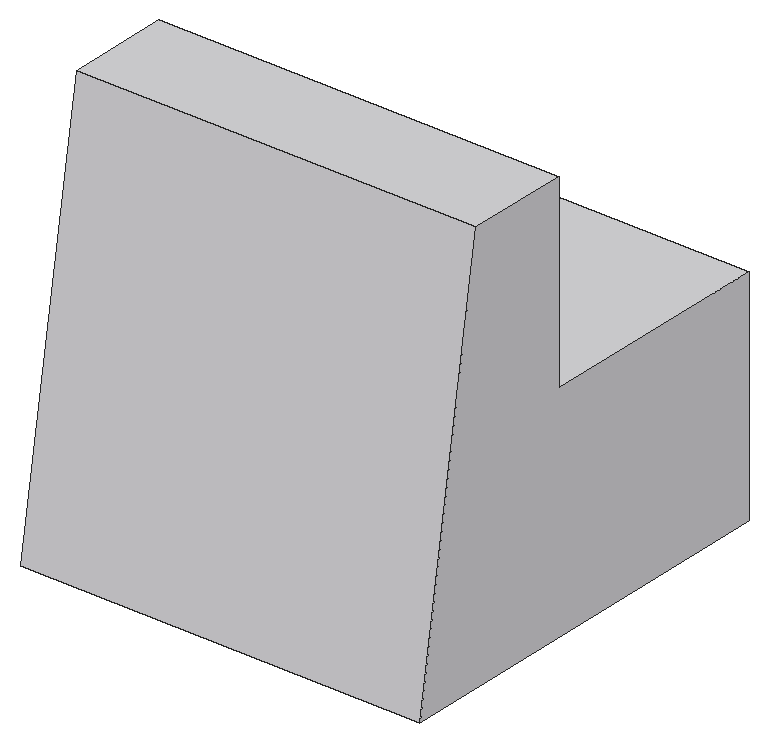
Revit family "v-584h4_50Hz", category 機械設備, Revit 2019
Family settings
  丸型コネクタ寸法 = 直径を使用
  パーツ タイプ = 標準
  OmniClass 番号 = 23.75.35.17.27
  OmniClass タイトル = Centrifugal Fans
  作業面ベース = いいえ
  常に垂直 = はい
  ロード時にボイドで切り取り = いいえ
  共有 = いいえ
  部屋計算ポイント = いいえ
Parameters (values of type "V-584H4")
  騒音レベル(dB(A)) = 48
  風量 = 710.0 m³/h
  電源種別 [instance] = ""
  電圧 = 100 V
  電動機出力 = 0 W
  電動機_種別 = ""
  集中コントローラ = ""
  運転質量 = 0.00 kg
  連動 [instance] = ""
  質量 = if(製品質量 > 運転質量, 製品質量, 運転質量) * 1.2  # 24.00 kg
  負荷分類 = 3_ファン類
  説明 = "レンジフードファン 深形 58cm幅タイプ(取替対応)"
  設計風量 = 0.0 m³/h
  設置方法 = "天吊"
  記号 [instance] = ""
  製造元 = "三菱電機株式会社"
  製品質量 = 20.00 kg
  製品出荷対象 = "国内"
  製品リリース年月 = "2022年6月1日"
  製品グループ = ""
  系統 [instance] = ""
  符号 = if(☑給気／□排気, "FS", "FE")  # "FE"
  積算_科目 = "2 換気設備"
  積算_拾い区分 [instance] = ""
  相 = 1
  盤記号 [instance] = ""
  発停方法 [instance] = ""
  特殊仕様 [instance] = ""
  火災停止 [instance] = ""
  消費電力 = 132 W
  法定耐用年数 = "15"
  機外静圧_排気 = 210.0 Pa
  機外静圧 = 0.0 Pa
  極数 = 2
  材質 [instance] = ""
  操作・制御方式 = ""
  操作・制御スイッチ = ""
  排気量 = 0.0 m³/h
  形式 = "片吸込形"
  幹線記号 [instance] = ""
  対象室 [instance] = ""
  実風量 = 0.0 m³/h
  始動方式 [instance] = "直入"
  天吊用穴_D_後・上配管 = 255 mm
  天吊用穴_D_右・左配管 = 290 mm
  天吊用穴_ピッチ = 480 mm
  外気量 = 0.0 m³/h
  呼称 = "遠心送風機"
  周波数 = 50 Hz
  参照している仕様書等のバージョン = ""
  分類コード = "50052503100060"
  分類グループ = ""
  価格 = 0
  企業コード = "108420"
  付属品_フィルター_還気 = ""
  付属品_フィルター = ""
  付属品 [instance] = ""
  仕様書バージョン = "Version1.0"
  モデル = "V-584H4"
  マテリアル = 鋼板(シルバー)
  ファンの種類 = ""
  ダクト径 = 150 mm
  コメント [instance] = ""
  Keynote = ""
  Assembly Code = ""
  ☑給気／□排気 = no
  Width = 580 mm
  W1 = Width / 2  # 290 mm
  Version = ""
  Uniclass2015Version = "Systems v1.9"
  Uniclass2015Title = "Centrifugal fans"
  Uniclass2015Code = "Pr_65_67_29_12"
  URL = "https://www.mitsubishielectric.co.jp/ldg/wink/ssl/displayProduct.do?pid=320887"
  SpecificationReference = ""
  SpecificationDescription = ""
  Revision = ""
  ProductInformation = ""
  OmniClassCode = "23-33 31 19 13 15"
  MIN風量 = 370.0 m³/h
  MIN静圧 = 0.0 Pa
  MID風量 = 0.0 m³/h
  MID静圧 = 0.0 Pa
  MAX風量 = 710.0 m³/h
  MAX静圧 = 0.0 Pa
  IfcTypeProduct = ""
  IfcProduct = ""
  IfcExportType = "CENTRIFUGALFORWARDCURVED"
  IfcExportAs = "IfcFanType"
  Height = 325 mm
  H1 = 600 mm
  EAサイズ_D = 148 mm
  Duct_Height = 56 mm
  Duct_D = 150 mm
  Depth = 597 mm
  D2 = 345 mm
  D1 = 495 mm
  Clearance Top = 0 mm
  Clearance Right = 0 mm
  Clearance Left = 0 mm
  Clearance Front = 0 mm
  Clearance Bottom = 0 mm
  Clearance Back = 0 mm
  Author = "三菱電機株式会社"
Reference planes
  plane 1 "中心(正面/背面)": y = 0
  plane 2: z = 0
  plane 3 "中心(左/右)": x = 0
  plane 4: x = -290
  plane 5: x = 290
  plane 6: y = -597
  plane 7: z = -325
  plane 8: z = -271
  plane 9: z = 56
  plane 10: y = -298.5
  plane 11: y = -495
  plane 12: y = -150
  plane 13: x = -240
  plane 14: x = 240
  plane 15: y = -255
  plane 16: y = -290
  plane 17: x = -145
  plane 18: x = 145
  plane 19: y = -345
  plane 20: z = 275
Forms (mm)
  Extrusion 1, solid, material "鋼板(シルバー)" <- "マテリアル"
    sketch origin (0, 0, 0) x (1, 0, 0) y (0, 1, 0)
      loop
        line (-290, 0) -> (-290, -345) -> (290, -345) -> (290, 0) -> (-290, 0)
    from -325 to 0
  Extrusion 2, solid, material "鋼板(シルバー)" <- "マテリアル", detail levels fine
    sketch origin (0, 0, 0) x (1, 0, 0) y (0, 1, 0)
      loop
        circle (0, -150) r 74
    from 0 to 56
  Blend 3, solid, material "鋼板(シルバー)" <- "マテリアル"
    base sketch origin (0, 0, 0) x (1, 0, 0) y (0, 1, 0)
      loop
        line (-290, -597) -> (290, -597) -> (290, -345) -> (-290, -345) -> (-290, -597)
    top sketch origin (0, 0, 0) x (1, 0, 0) y (0, 1, 0)
      loop
        line (-290, -345) -> (-290, -495) -> (290, -495) -> (290, -345) -> (-290, -345)
    from -325 to 275
Cuts and joins
  joined: Extrusion 1, Blend 3
Lines and regions (mm)
  Masking region 1, detail levels coarse+medium
    outline origin (1326.5, 29, 0) x (1, 0, 0) y (0, 1, 0)
      loop
        line (-1616.5, -29) -> (-1616.5, -626) -> (-1036.5, -626) -> (-1036.5, -29) -> (-1616.5, -29)
  symbolic lines, detail levels coarse+medium
    curve 1: circle (-145, -298.5, 0) r 145 normal (0, 0, 1)
    curve 2: circle (145, -298.5, 0) r 145 normal (0, 0, 1)
Dimensions and locks
  equal spacing: plane 4, plane 3 "中心(左/右)", plane 5
  "Width": plane 4 to plane 5
  equal spacing: plane 6, plane 10, plane 1 "中心(正面/背面)"
  "Depth": plane 1 "中心(正面/背面)" to plane 6
  "D1": plane 1 "中心(正面/背面)" to plane 11
  "Duct_D": plane 1 "中心(正面/背面)" to plane 12
  "Height": level to plane 7
  "Duct_Height": plane 9 to level
  "天吊用穴_ピッチ": plane 13 to plane 14
  equal spacing: plane 13, plane 3 "中心(左/右)", plane 14
  "天吊用穴_D_後・上配管": plane 1 "中心(正面/背面)" to plane 15
  "天吊用穴_D_右・左配管": plane 1 "中心(正面/背面)" to plane 16
  equal spacing: plane 4, plane 17, plane 3 "中心(左/右)"
  equal spacing: plane 3 "中心(左/右)", plane 18, plane 5
  "D2": plane 1 "中心(正面/背面)" to plane 19
  "H1": plane 20 to plane 7
  "EAサイズ_D": diameter of Extrusion 2 sketch curve
  "W1": diameter of curve 1
  "W1": diameter of curve 2
  aligned and locked: level to plane 2
  aligned and locked: Masking region 1 to plane 4
  aligned and locked: plane 5 to Masking region 1
  aligned and locked: Masking region 1 to plane 6
  aligned and locked: Masking region 1 to plane 1 "中心(正面/背面)"
  aligned and locked: plane 1 "中心(正面/背面)" to Extrusion 1 sketch curve
  aligned and locked: plane 4 to Extrusion 1 sketch curve
  aligned and locked: Extrusion 1 sketch curve to plane 5
  aligned and locked: Extrusion 1 to plane 7
  aligned and locked: level to Extrusion 1
  aligned and locked: plane 9 to Extrusion 2
  aligned and locked: Extrusion 2 to level
  aligned and locked: nested 1 to plane 16
  aligned and locked: plane 15 to nested 1
  aligned and locked: plane 13 to nested 1
  aligned and locked: plane 14 to nested 1
  aligned and locked: Blend 3 sketch curve to plane 4
  aligned and locked: plane 5 to Blend 3 sketch curve
  aligned and locked: Blend 3 sketch curve to plane 6
  aligned and locked: Blend 3 sketch curve to plane 19
  aligned and locked: plane 4 to Blend 3 sketch curve
  aligned and locked: Blend 3 sketch curve to plane 5
  aligned and locked: plane 11 to Blend 3 sketch curve
  aligned and locked: Blend 3 sketch curve to var sketch
  aligned and locked: Blend 3 to plane 7
  aligned and locked: plane 20 to Blend 3
  aligned and locked: plane 19 to Extrusion 1 sketch curve
Automatic sketch dimensions
  Masking region 1 sketch curve to plane 4 = 0 mm
  Masking region 1 sketch curve to plane 5 = 0 mm
  Masking region 1 sketch curve to plane 6 = 0 mm
  plane 1 "中心(正面/背面)" to Masking region 1 sketch curve = 0 mm
  Extrusion 2 sketch curve to plane 3 "中心(左/右)" = 0 mm
  Extrusion 2 sketch curve to plane 12 = 0 mm
  curve 1 to plane 10 = 0 mm
  curve 1 to plane 17 = 0 mm
  curve 2 to plane 10 = 0 mm
  curve 2 to plane 18 = 0 mm
Nested families
  nested 1: "固定点" at (-240, -290, 0), type "固定点"
    with W 480 mm, D 35 mm
Connectors
  hvac at (0, -150, 56), driven by "ダクト径", driven by "機外静圧", driven by "風量"
    settings: on Extrusion 2, index 1, duct flow 710.0 m³/h, flow factor 0, pres drop 0.0 Pa, loss coef 0, conn angle 0.00°, conn width 304.8 mm, conn height 304.8 mm, conn diameter 150 mm, duct sys type 3, conn prof type 0, flow config 0, flow direction 2, loss method 4, conn ref index -1, conn util no, is conn primary yes, conn desc ""
  electrical at (0, -172.5, 0), driven by "極数", driven by "負荷分類", driven by "電圧", driven by "消費電力"
    settings: on cut or joined group of Extrusion 1, Blend 3, index 2, voltage 100 V, apparent load 132 VA, apparent load phase1 0 VA, apparent load phase2 0 VA, apparent load phase3 0 VA, power factor 1, load classification "3_ファン類", number of poles 2, system type 30, power factor state 1, is connector primary yes, connector utility no, sub classification motor no, connector description ""
Definition of nested family "固定点"
  Parameters (values of type "固定点")
    中心円 = 20 mm
    W [instance] = 1000 mm
    D [instance] = 1000 mm
  Reference planes
    plane 1 "中心(正面/背面)": y = 0
    plane 2: z = 0
    plane 3 "中心(左/右)": x = 0
    plane 4: x = 1000
    plane 5: y = 1000
  Lines and regions (mm)
    symbolic lines, detail levels fine
      curve 1: circle (0, 1000, 0) r 10 normal (0, 0, 1)
      curve 2: circle (0, 0, 0) r 10 normal (0, 0, 1)
      curve 3: circle (1000, 1000, 0) r 10 normal (0, 0, 1)
      curve 4: circle (1000, 0, 0) r 10 normal (0, 0, 1)
      curve 5: line (-200, 1000, 0) -> (1200, 1000, 0)
      curve 6: line (-200, 0, 0) -> (1200, 0, 0)
      curve 7: line (0, 1200, 0) -> (0, -200, 0)
      curve 8: line (1000, 1200, 0) -> (1000, -200, 0)
  Dimensions and locks
    "W": plane 3 "中心(左/右)" to plane 4
    "D": plane 1 "中心(正面/背面)" to plane 5
    "中心円": diameter of curve 1
    "中心円": diameter of curve 2
    "中心円": diameter of curve 3
    "中心円": diameter of curve 4
    aligned and locked: level to plane 2
    aligned and locked: plane 5 to curve 1
    aligned and locked: plane 3 "中心(左/右)" to curve 1
    aligned and locked: plane 3 "中心(左/右)" to curve 2
    aligned and locked: plane 1 "中心(正面/背面)" to curve 2
    aligned and locked: plane 4 to curve 3
    aligned and locked: plane 5 to curve 3
    aligned and locked: plane 1 "中心(正面/背面)" to curve 4
    aligned and locked: plane 4 to curve 4
    aligned and locked: plane 1 "中心(正面/背面)" to curve 6
    aligned and locked: curve 7 to plane 3 "中心(左/右)"
    aligned and locked: curve 8 to plane 4
  Automatic sketch dimensions
    curve 5 to plane 5 = 0 mm
    curve 6 to plane 3 "中心(左/右)" = 200 mm
    curve 5 to plane 3 "中心(左/右)" = 200 mm
    curve 4 to curve 6 = 200 mm
    curve 3 to curve 5 = 200 mm
    plane 1 "中心(正面/背面)" to curve 8 = 200 mm
    plane 1 "中心(正面/背面)" to curve 7 = 200 mm
    curve 3 to curve 8 = 200 mm
    curve 1 to curve 7 = 200 mm
